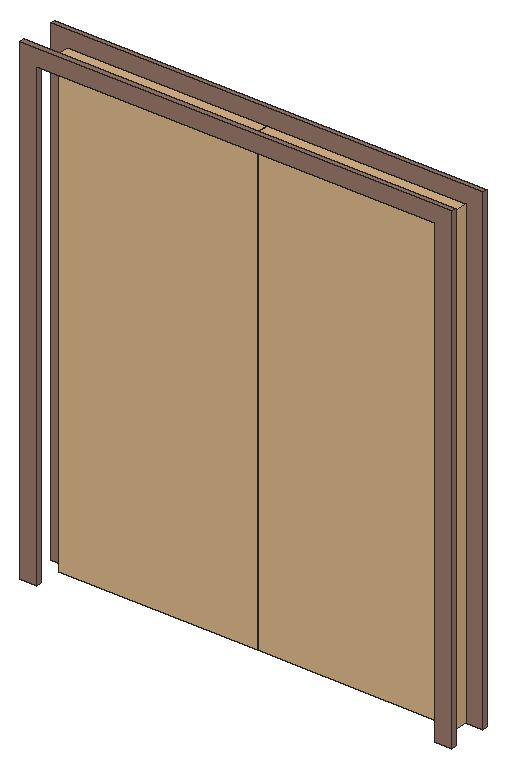
Revit family
Parameters (values of type "1830 x 2134mm")
  Thickness = 51.00 mm
  Door Material = Door - Panel
  Frame Material = Door - Frame
  Height = 2134.00 mm
  Trim Projection Ext = 25.00 mm
  Trim Projection Int = 25.00 mm
  Trim Width = 76.00 mm
  Wall Closure = (empty or 0)
  Width = 1830.00 mm
Types (5, lengths in mm): name | Height | Width
  1830 x 1981mm | 1981.00 | 1830.00
  1830 x 2083mm | 2083.00 | 1830.00
  1730 x 2134mm | 2134.00 | 1730.00
  1730 x 2032mm | 2032.00 | 1730.00
  1830 x 2134mm | 2134.00 | 1830.00
Reference planes
  plane 1: y = 0
  plane 2: z = 0
  plane 3 "Center": x = 0
  plane 4 "Left": x = -915
  plane 5 "Right": x = 915
  plane 6 "Top": z = 2134
  plane 7: y = 76.2
Forms (mm)
  Extrusion 1, solid, material "Door - Frame" <- "Frame Material"
    sketch origin (-2286, 76.2, 0) x (-1, 0, 0) y (0, 0, 1)
      loop
        line (-3201, 2134) -> (-1371, 2134) -> (-1371, 0) -> (-1295, 0) -> (-1295, 2210) -> (-3277, 2210) -> (-3277, 0) -> (-3201, 0) -> (-3201, 2134)
    from 0 to 25
  Extrusion 2, solid, material "Door - Frame" <- "Frame Material"
    sketch origin (-2286, -76.2, 0) x (1, 0, 0) y (0, 0, 1)
      loop
        line (1371, 0) -> (1371, 2134) -> (3201, 2134) -> (3201, 0) -> (3277, 0) -> (3277, 2210) -> (1295, 2210) -> (1295, 0) -> (1371, 0)
    from 0 to 25
  Extrusion 3, solid, material "Door - Panel" <- "Door Material"
    sketch origin (-1524, 76.2, 0) x (-1, 0, 0) y (0, 0, 1)
      loop
        line (-1524, 2134) -> (-1524, 0) -> (-609, 0) -> (-609, 2134) -> (-1524, 2134)
    from 0 to -51
  Extrusion 4, solid, material "Door - Panel" <- "Door Material"
    sketch origin (0, 0, 0) x (-1, 0, 0) y (0, 0, 1)
      loop
        line (-915, 2134) -> (-915, 0) -> (0, 0) -> (0, 2134) -> (-915, 2134)
    from 25.2 to 76.2
Lines and regions (mm)
  Opening 1
    outline origin (-2286, -76.2, 0) x (1, 0, 0) y (0, 0, 1)
      loop
        line (1371, 0) -> (3201, 0) -> (3201, 2134) -> (1371, 2134) -> (1371, 0)
  symbolic lines, style "Plan Swing"
    curve 1: arc (0, 76.2, 0) -> (-267.997, 723.203, 0) -> (-915, 991.2, 0) r 915
    curve 2: arc (0, 76.2, 0) -> (267.997, 723.203, 0) -> (915, 991.2, 0) r 915
  symbolic lines, style "DoorsPanelProjection"
    curve 3: line (-915, 76.2, 0) -> (-864, 76.2, 0)
    curve 4: line (-915, 76.2, 0) -> (-915, 991.2, 0)
    curve 5: line (-915, 991.2, 0) -> (-864, 991.2, 0)
    curve 6: line (-864, 76.2, 0) -> (-864, 991.2, 0)
    curve 7: line (915, 76.2, 0) -> (864, 76.2, 0)
    curve 8: line (915, 76.2, 0) -> (915, 991.2, 0)
    curve 9: line (864, 76.2, 0) -> (864, 989.778, 0)
  symbolic lines, style "Elevation Swing"
    curve 10: line (0, 0, 2134) -> (-915, 0, 1067)
    curve 11: line (-915, 0, 1067) -> (0, 0, 0)
    curve 12: line (0, 0, 0) -> (915, 0, 1067)
    curve 13: line (0, 0, 2134) -> (915, 0, 1067)
Text (mm)
  text "Exterior" at (-1490.41, 796.892, 0), in view "Floor Line"
  text "Interior" at (-1482.03, -638.486, 0), in view "Floor Line"
  text "Exterior" at (0, 1019.848, 3124.603), in view "Right"
  text "Interior" at (0, -1635.541, 3124.603), in view "Right"
  text "Interior" at (0, -698.591, 2960.884), in view "Left"
  text "Exterior" at (0, 918.899, 2960.884), in view "Left"
Dimensions and locks
  "Height": plane 2 to plane 6 "Top"
  "Trim Width": Extrusion 2 sketch curve to plane 4 "Left"
  "Trim Width": Extrusion 2 sketch curve to plane 5 "Right"
  "Trim Width": Extrusion 2 sketch curve to plane 6 "Top"
  "Trim Width": Extrusion 1 sketch curve to Extrusion 1 sketch curve  (x2)
  "Trim Width": Extrusion 1 sketch curve to plane 6 "Top"
  "Trim Projection Int": Extrusion 2 to host wall
  "Trim Projection Ext": Extrusion 1 to host wall
  "Thickness": curve 6 to curve 4
  "Thickness": curve 8 to curve 9
  "Thickness": Extrusion 3 to host wall
  "Width": plane 4 "Left" to plane 5 "Right"
  equal spacing: plane 4 "Left", plane 3 "Center", plane 5 "Right"
  equal spacing: level, curve 13, plane 6 "Top"
  equal spacing: level, curve 11, plane 6 "Top"
  aligned and locked: plane 4 "Left" to Opening 1 sketch curve
  aligned and locked: plane 6 "Top" to Opening 1 sketch curve  (x2)
  aligned and locked: Opening 1 sketch curve to plane 5 "Right"
  aligned and locked: Opening 1 sketch curve to level
  aligned and locked: plane 6 "Top" to Extrusion 1 sketch curve  (x2)
  aligned and locked: plane 4 "Left" to Extrusion 1 sketch curve
  aligned and locked: Extrusion 1 sketch curve to plane 4 "Left"
  aligned and locked: plane 2 to Extrusion 1 sketch curve
  aligned and locked: Extrusion 1 sketch curve to plane 2
  aligned and locked: level to Extrusion 1 sketch curve
  aligned and locked: plane 5 "Right" to Extrusion 1 sketch curve
  aligned and locked: Extrusion 1 to host wall
  aligned and locked: plane 4 "Left" to Extrusion 2 sketch curve
  aligned and locked: plane 6 "Top" to Extrusion 2 sketch curve  (x2)
  aligned and locked: plane 5 "Right" to Extrusion 2 sketch curve  (x2)
  aligned and locked: level to Extrusion 2 sketch curve
  aligned and locked: Extrusion 2 sketch curve to level
  aligned and locked: plane 2 to Extrusion 2 sketch curve
  aligned and locked: Extrusion 2 to host wall
  aligned and locked: curve 3 to host wall
  aligned and locked: host wall to curve 7
  aligned and locked: host wall to curve 1
  aligned and locked: host wall to curve 2
  aligned and locked: plane 7 to host wall
  aligned and locked: Extrusion 4 to Extrusion 3  (x2)
Automatic sketch dimensions
  curve 1 to plane 4 "Left" = 0.00 mm
  curve 2 to plane 3 "Center" = 0.00 mm
  curve 2 to plane 5 "Right" = 0.00 mm
  Extrusion 3 sketch curve to level = 0.00 mm
  Extrusion 3 sketch curve to plane 4 "Left" = 0.00 mm
  Extrusion 3 sketch curve to plane 6 "Top" = 0.00 mm
  curve 1 to plane 3 "Center" = 0.00 mm
  Extrusion 3 sketch curve to plane 3 "Center" = 0.00 mm
  Extrusion 4 sketch curve to level = 0.00 mm
  Extrusion 4 sketch curve to plane 5 "Right" = 0.00 mm
  Extrusion 4 sketch curve to plane 3 "Center" = 0.00 mm
  Extrusion 4 sketch curve to plane 6 "Top" = 0.00 mm
  curve 13 to plane 3 "Center" = 0.00 mm
  curve 13 to plane 6 "Top" = 0.00 mm
  curve 11 to plane 4 "Left" = 0.00 mm
  curve 13 to plane 5 "Right" = 0.00 mm
  curve 12 to level = 0.00 mm
  curve 11 to plane 3 "Center" = 0.00 mm
